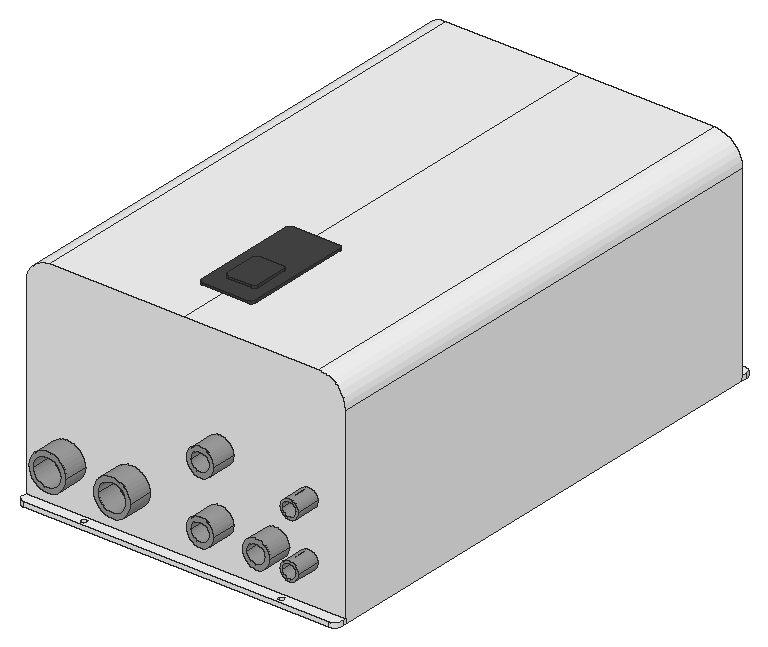
Revit family "Water_Heater-Navien-NCB_Series", category Mechanical Equipment, host Face, Revit 2013
Parameters (values of type "NCB 210")
  Width = 1' - 5"  # constant formula
  Water Pressure = "12-30 PSI / 15-150 PSI"  # constant formula
  Voltage = 120 V
  URL = "http://us.navien.com/"
  Propane Gas Supply Pressure = "8.0 inches - 13.5 inches WC"  # constant formula
  Product Page URL = "http://us.navien.com/Product/Page1/Details/NCB-210?Category=NCB%20series"
  Product Name = "NCB"
  Product Documentation Link = "http://us.navien.com/__DATA/Product/2014/12/2/Navien%20NCB%20Spec%20Sheet.pdf"
  Power Factor = 1
  Phase = 1
  Operating Weight = 84.00 lbf
  Number of Poles = 1
  Natural Gas Supply Pressure = "3.5 inches - 10.5 inches WC"  # constant formula
  Model = "NCB - 210"
  Material = ""
  Manufacturer = "Navien"  # constant formula
  Length = 1' - 0"  # constant formula
  Intake = 0' 3"  # 3"
  Hot Water Outlet = 0' 0 3/4"  # 3/4"
  Height = 2' - 4"  # constant formula
  Heating Capacity = 100000.0 Btu/h
  Gas Inlet = 0' 0 3/4"  # 3/4"
  Frequency = 60 Hz
  Flow Rate = 4.0 GPM
  Exhaust = 0' 3"  # 3"
  Enclosure = Metal - Navien - White
  Description = "Condensing Gas Combination Boiler (NCB)"  # constant formula
  Default Elevation = 4' - 0"
  Cold Water Inlet = 0' 0 3/4"  # 3/4"
  Auto Feeder = 0' 0 1/2"  # 1/2"
  Apparent Load = 0 VA
Types (3): name | Product Page URL | Operating Weight | Model | Heating Capacity | Flow Rate
  NCB 180 | "http://us.navien.com/Product/Page1/Details/NCB-180?Category=NCB%20series" | 74.00 lbf | "NCB - 180" | 80000.0 Btu/h | 3.4 GPM
  NCB 210 | "http://us.navien.com/Product/Page1/Details/NCB-210?Category=NCB%20series" | 84.00 lbf | "NCB - 210" | 100000.0 Btu/h | 4.0 GPM
  NCB 240 | "http://us.navien.com/Product/Page1/Details/NCB-240?Category=NCB%20series" | 84.00 lbf | "NCB - 240" | 120000.0 Btu/h | 4.5 GPM
Reference planes (in)
  plane 1 "Center (Front/Back)": y = 0
  plane 2: z = 0
  plane 3 "Center (Left/Right)": x = 0
  plane 4: z = 12.4
  plane 5: x = 8.65
  plane 6: x = -8.65
  plane 7: z = 0.4
  plane 8: y = 13.34278
  plane 9: y = -13.49271
Lines and regions (in)
  Masking region 1
    outline origin (0, 0, 0) x (1, 0, 0) y (0, 0, 1)
      loop
        line (-6.15442, 0) -> (-6.15442, 0.4) -> (-8.15442, 0.4) -> (-8.15442, 0) -> (-6.15442, 0)
      loop
        line (6.15383, 0) -> (8.15383, 0) -> (8.15383, 0.4) -> (6.15383, 0.4) -> (6.15383, 0)
  Masking region 2
    outline origin (0, 0, 0) x (1, 0, 0) y (0, 0, 1)
      loop
        line (8.65, 0.4) -> (8.65, 11.16256)
        arc (8.65, 11.16256) -> (8.28756, 12.03756) -> (7.41256, 12.4) r 1.23744
        line (7.41256, 12.4) -> (-7.41256, 12.4)
        arc (-7.41256, 12.4) -> (-8.28756, 12.03756) -> (-8.65, 11.16256) r 1.23744
        line (-8.65, 11.16256) -> (-8.65, 0.4) -> (8.65, 0.4)
  Masking region 3
    outline origin (0, 0, 0) x (1, 0, 0) y (0, 0, 1)
      loop
        line (8.65, 0.4) -> (8.65, 0.63569) -> (-8.65, 0.63569) -> (-8.65, 0.4) -> (8.65, 0.4)
  Masking region 4, detail levels coarse
    outline origin (0, 0, 0) x (1, 0, 0) y (0, 0, 1)
      loop
        line (4.0892, 4.60215) -> (0.7108, 4.60215) -> (0.7108, 1.19785) -> (4.0892, 1.19785) -> (4.0892, 4.60215)
      loop
        line (-2.4608, 4.70215) -> (-5.8392, 4.70215) -> (-5.8392, 1.29785) -> (-2.4608, 1.29785) -> (-2.4608, 4.70215)
  Masking region 5
    outline origin (0, 0, 0) x (1, 0, 0) y (0, 0, 1)
      loop
        circle (-4.15, 3) r 1.34645
      loop
        circle (2.4, 2.9) r 1.33901
  Masking region 6, detail levels medium+fine
    outline origin (0, 0, 0) x (1, 0, 0) y (0, 0, 1)
      loop
        line (4.0892, 3.9183) -> (4.0892, 4.60215) -> (3.3965, 4.60215)
        arc (3.3965, 4.60215) -> (2.4, 4.87239) -> (1.4035, 4.60215) r 1.97239
        line (1.4035, 4.60215) -> (0.7108, 4.60215) -> (0.7108, 3.9183)
        arc (0.7108, 3.9183) -> (0.42761, 2.9) -> (0.7108, 1.8817) r 1.97239
        line (0.7108, 1.8817) -> (0.7108, 1.19785) -> (1.4035, 1.19785)
        arc (1.4035, 1.19785) -> (2.4, 0.92761) -> (3.3965, 1.19785) r 1.97239
        line (3.3965, 1.19785) -> (4.0892, 1.19785) -> (4.0892, 1.8817)
        arc (4.0892, 1.8817) -> (4.37239, 2.9) -> (4.0892, 3.9183) r 1.97239
      loop
        line (-2.4608, 4.70215) -> (-3.1535, 4.70215)
        arc (-3.1535, 4.70215) -> (-4.15, 4.97239) -> (-5.1465, 4.70215) r 1.97239
        line (-5.1465, 4.70215) -> (-5.8392, 4.70215) -> (-5.8392, 4.0183)
        arc (-5.8392, 4.0183) -> (-6.12239, 3) -> (-5.8392, 1.9817) r 1.97239
        line (-5.8392, 1.9817) -> (-5.8392, 1.29785) -> (-5.1465, 1.29785)
        arc (-5.1465, 1.29785) -> (-4.15, 1.02761) -> (-3.1535, 1.29785) r 1.97239
        line (-3.1535, 1.29785) -> (-2.4608, 1.29785) -> (-2.4608, 1.9817)
        arc (-2.4608, 1.9817) -> (-2.17761, 3) -> (-2.4608, 4.0183) r 1.97239
        line (-2.4608, 4.0183) -> (-2.4608, 4.70215)
  Masking region 7
    outline origin (0, 0, 0) x (1, 0, 0) y (0, 0, 1)
      loop
        circle (-4.15, 3) r 1.34645
      loop
        circle (2.4, 2.9) r 1.33901
  model lines
    curve 1: line (8.65, 13.34278, 8.13098) -> (8.65, -13.49271, 8.13098)
    curve 2: line (-8.65, 13.34278, 8.13098) -> (-8.65, -13.49271, 8.13098)
    curve 3: line (-8.65, -13.49271, 8.13098) -> (8.65, -13.49271, 8.13098)
    curve 4: line (-8.65, 13.34278, 8.13098) -> (8.65, 13.34278, 8.13098)
Dimensions and locks (in)
  aligned and locked: plane 2 to host face
  aligned and locked: level to host face
  aligned and locked: plane 3 "Center (Left/Right)" to nested 1
  aligned and locked: Masking region 1 sketch curve to nested 1  (x2)
  aligned and locked: nested 1 to Masking region 1 sketch curve  (x2)
  aligned and locked: nested 1 to Masking region 2
  aligned and locked: Masking region 2 to plane 7
  aligned and locked: Masking region 2 to plane 5
  aligned and locked: plane 6 to Masking region 2
  aligned and locked: plane 7 to Masking region 3 sketch curve
  aligned and locked: Masking region 4 sketch curve to nested 1  (x8)
  aligned and locked: plane 8 to nested 1
  aligned and locked: plane 9 to nested 1
  aligned and locked: Masking region 3 to plane 5
  aligned and locked: plane 6 to Masking region 3
Nested families (in)
  nested 1: "Navien_NCB_Series_01" at (0, -14.79802, 6.4) x (1, 0, 0) z (0, 1, 0), type "Navien_NCB_Series_01"
Connectors (in)
  hvac at (-4.15, 15.45722, 3)
    settings: on nested 1, index 1, duct flow 0 CFM, flow factor 0, pres drop 0.00 in-wg, loss coef 0, conn angle 0.00°, conn width 12", conn height 12", conn radius 1", duct sys type 4, conn prof type 0, flow config 0, flow direction 1, loss method 0, conn ref index -1, conn util no, is conn primary yes, conn desc "Air Intake"
  hvac at (2.4, 15.45722, 2.9)
    settings: on nested 1, index 2, duct flow 0 CFM, flow factor 0, pres drop 0.00 in-wg, loss coef 0, conn angle 0.00°, conn width 12", conn height 12", conn radius 1", duct sys type 3, conn prof type 0, flow config 0, flow direction 0, loss method 0, conn ref index -1, conn util no, is conn primary no, conn desc "Exhaust Gas Vent"
  piping at (6.64048, -14.79802, 2.8)
    settings: on nested 1, index 3, connector radius 1/4", flow factor 0, pipe flow 0.0 GPM, pressure drop 0.00 psi, fitting loss kfactor 0, connector angle 0.00°, fixture units 0, engagement length 0' - 0", flow configuration 0, flow direction 1, fitting loss method 0, system type 19, joint type 0, gender type 0, connector reference index -1, connector utility 0, adjustable connector no, is connector primary yes, fitting loss table "", connector description "Auto Feeder Inlet"
  piping at (4.84048, -14.79802, 3)
    settings: on nested 1, index 4, connector radius 3/8", flow factor 0, pipe flow 0.0 GPM, pressure drop 0.00 psi, fitting loss kfactor 0, connector angle 0.00°, fixture units 0, engagement length 0' - 0", flow configuration 0, flow direction 1, fitting loss method 0, system type 20, joint type 0, gender type 0, connector reference index -1, connector utility 0, adjustable connector no, is connector primary no, fitting loss table "", connector description "DHW Cold Water Inlet"
  piping at (1.8186, -14.79802, 3)
    settings: on nested 1, index 5, connector radius 3/8", flow factor 0, pipe flow 0.0 GPM, pressure drop 0.00 psi, fitting loss kfactor 0, connector angle 0.00°, fixture units 0, engagement length 0' - 0", flow configuration 0, flow direction 2, fitting loss method 0, system type 19, joint type 0, gender type 0, connector reference index -1, connector utility 0, adjustable connector no, is connector primary no, fitting loss table "", connector description "DHW Hot Water Outlet"
  piping at (-2.95952, -14.79802, 3)
    settings: on nested 1, index 6, connector radius 1/2", flow factor 0, pipe flow 0.0 GPM, pressure drop 0.00 psi, fitting loss kfactor 0, connector angle 0.00°, fixture units 0, engagement length 0' - 0", flow configuration 0, flow direction 1, fitting loss method 0, system type 19, joint type 0, gender type 0, connector reference index -1, connector utility 0, adjustable connector no, is connector primary no, fitting loss table "", connector description "Heating Return Inlet"
  piping at (-6.45952, -14.79802, 3)
    settings: on nested 1, index 7, connector radius 1/2", flow factor 0, pipe flow 0.0 GPM, pressure drop 0.00 psi, fitting loss kfactor 0, connector angle 0.00°, fixture units 0, engagement length 0' - 0", flow configuration 0, flow direction 2, fitting loss method 0, system type 19, joint type 0, gender type 0, connector reference index -1, connector utility 0, adjustable connector no, is connector primary no, fitting loss table "", connector description "Heating Supply Outlet"
  piping at (1.8186, -14.79802, 6.4)
    settings: on nested 1, index 8, connector radius 3/8", flow factor 0, pipe flow 0.0 GPM, pressure drop 0.00 psi, fitting loss kfactor 0, connector angle 0.00°, fixture units 0, engagement length 0' - 0", flow configuration 0, flow direction 1, fitting loss method 0, system type 22, joint type 0, gender type 0, connector reference index -1, connector utility 0, adjustable connector no, is connector primary no, fitting loss table "", connector description "Gas Supply Inlet"
  piping at (6.64048, -14.79802, 5.8)
    settings: on nested 1, index 9, connector radius 1/4", flow factor 0, pipe flow 0.0 GPM, pressure drop 0.00 psi, fitting loss kfactor 0, connector angle 0.00°, fixture units 0, engagement length 0' - 0", flow configuration 0, flow direction 2, fitting loss method 0, system type 16, joint type 0, gender type 0, connector reference index -1, connector utility 0, adjustable connector no, is connector primary no, fitting loss table "", connector description "Condensate Outlet"
  electrical at (4.25, -0.07496, 0.4), driven by "Number of Poles", driven by "Voltage", driven by "Apparent Load", driven by "Power Factor"
    settings: on nested 1, index 10, voltage 120 V, apparent load 0 VA, apparent load phase1 0 VA, apparent load phase2 0 VA, apparent load phase3 0 VA, power factor 1, load classification "Other", number of poles 1, system type 31, power factor state 1, is connector primary yes, connector utility no, sub classification motor no, connector description "Power Connector"
Definition of nested family "Navien_NCB_Series_01"
  Parameters (values of type "Navien_NCB_Series_01")
    Width [instance] = 1' - 5.3"
    URL = "http://us.navien.com/"
    Product Page URL = "http://us.navien.com/Product/Page1/Details/NCB-180?Category=NCB%20series"
    Product Name = "NCB-180"  # constant formula
    Product Documentation Link = "http://us.navien.com/__DATA/Product/2014/12/2/Navien%20NCB%20Spec%20Sheet.pdf"
    Model = "NCB - 180"
    Manufacturer = "Navien"  # constant formula
    Height = 2' - 4.1408"
    Enclosure = Metal - Navien - White
    Description = "Condensing Gas Combination Boiler (NCB)"  # constant formula
    Depth = 1' - 0"
    Default Elevation = 4' - 0"
  Reference planes (in)
    plane 1 "Center (Front/Back)": y = 0
    plane 2: z = 0
    plane 3 "Center (Left/Right)": x = 0
    plane 4: y = 6
    plane 5: y = -6
    plane 6: x = -8.65
    plane 7: x = 8.65
    plane 8: z = 28.8
    plane 9: z = 28.1408
    plane 10: z = 0.72574
    plane 11: z = 1.30531
    plane 12: y = -2.52472
    plane 13: y = -2.25284
    plane 14: x = -7.85512
    plane 15: x = 7.93329
    plane 16: y = -4.76256
    plane 17: y = 6.4
    plane 18: x = -7.15
    plane 19: x = 7.15
    plane 20: x = -6.64048
    plane 21: x = 7.15
    plane 22: y = 3.4
    plane 23: x = 6.45952
    plane 24: x = 2.95952
    plane 25: x = -1.84048
    plane 26: x = -4.84048
    plane 27: x = -4.15
    plane 28: y = 3.4
    plane 29: y = 3.6
    plane 30: x = -6.45952
    plane 31: x = -2.95952
    plane 32: x = 1.8186
    plane 33: x = 4.84048
    plane 34: x = 6.64048
  Forms (in)
    Extrusion 1, solid, material "Metal - Navien - White" <- "Enclosure"
      sketch origin (-20.40779, -14.76545, 0) x (1, 0, 0) y (0, 1, 0)
        loop
          line (11.75779, 20.76545) -> (11.75779, 10.20911)
          arc (11.75779, 10.20911) -> (12.12023, 9.33411) -> (12.99523, 8.97167) r 1.23744
          line (12.99523, 8.97167) -> (20.25779, 8.97167) -> (27.57035, 8.97167)
          arc (27.57035, 8.97167) -> (28.62213, 9.40733) -> (29.05779, 10.45911) r 1.48744
          line (29.05779, 10.45911) -> (29.05779, 20.76545) -> (20.25779, 20.76545) -> (11.75779, 20.76545)
      from 1.30531 to 28.1408
    Extrusion 2, solid, material "Metal - Navien - White" <- "Enclosure", detail levels medium+fine
      sketch origin (18.924, 0, -0.04782) x (1, 0, 0) y (0, 0, 1)
        loop
          line (-10.274, 28.18862) -> (-10.274, 28.40737)
          arc (-10.274, 28.40737) -> (-10.35977, 28.71421) -> (-10.649, 28.84782) r 0.37986
          line (-10.649, 28.84782) -> (-27.199, 28.84782)
          arc (-27.199, 28.84782) -> (-27.48823, 28.71421) -> (-27.574, 28.40737) r 0.37986
          line (-27.574, 28.40737) -> (-27.574, 28.18862) -> (-10.274, 28.18862)
        loop
          circle (-24.15673, 28.56794) r 0.15061
        loop
          circle (-13.44497, 28.56794) r 0.15119
      from -6 to -5.76431
    Extrusion 3, solid, material "Metal - Navien - White" <- "Enclosure", detail levels coarse
      sketch origin (0, 0, 0) x (1, 0, 0) y (0, 0, 1)
        loop
          line (-8.65, 28.1408) -> (8.65, 28.1408) -> (8.65, 28.8) -> (-8.65, 28.8) -> (-8.65, 28.1408)
      from -6 to -5.76431
    Extrusion 4, solid, material "Metal - Navien - Aluminum"
      sketch origin (0, 0, 0) x (-1, 0, 0) y (0, -1, 0)
        loop
          circle (6.45952, -3.4) r 1
      from 0 to 1.30531
    Extrusion 5, solid, material "Metal - Navien - Aluminum"
      sketch origin (0, 0, 0) x (-1, 0, 0) y (0, -1, 0)
        loop
          circle (2.95952, -3.4) r 1
      from 0 to 1.30531
    Extrusion 6, solid, material "Metal - Navien - Aluminum"
      sketch origin (0, 0, 0) x (-1, 0, 0) y (0, -1, 0)
        loop
          circle (-1.8186, -3.4) r 0.75
      from 0 to 1.30531
    Extrusion 7, solid, material "Metal - Navien - Aluminum"
      sketch origin (0, 0, 0) x (-1, 0, 0) y (0, -1, 0)
        loop
          circle (-4.84048, -3.4) r 0.75
      from 0 to 1.30531
    Extrusion 8, solid, material "Metal - Navien - Aluminum"
      sketch origin (0, 0, 0) x (-1, 0, 0) y (0, -1, 0)
        loop
          circle (-6.64048, -3.6) r 0.5
        loop
          circle (-6.64048, -0.6) r 0.5
      from 0 to 1.30531
    Extrusion 9, void, detail levels fine
      sketch origin (0, 0, 0) x (1, 0, 0) y (0, 1, 0)
        loop
          circle (-6.45952, 3.4) r 0.75
        loop
          circle (-2.95952, 3.4) r 0.75
        loop
          circle (1.8186, 3.4) r 0.5
        loop
          circle (4.84048, 3.4) r 0.5
        loop
          circle (6.64048, 3.6) r 0.37641
        loop
          circle (1.8186, 0) r 0.5
        loop
          circle (6.64048, 0.6) r 0.37641
      from 0 to 1.30531
    Extrusion 10, solid, material "Metal - Navien - Aluminum"
      sketch origin (0, -3.4, 0) x (-1, 0, 0) y (0, -1, 0)
        loop
          circle (-1.8186, -3.4) r 0.75
      from 0 to 1.30531
    Extrusion 11, solid, material "Metal - Navien - White" <- "Enclosure"
      sketch origin (0, 0, 0) x (1, 0, 0) y (0, 0, 1)
        loop
          line (-8.15442, 26.02747) -> (-8.15442, 3.41864) -> (-6.15442, 3.41864) -> (-6.15442, 26.02747) -> (-8.15442, 26.02747)
        loop
          line (6.15383, 3.41864) -> (8.15383, 3.41864) -> (8.15383, 26.02747) -> (6.15383, 26.02747) -> (6.15383, 3.41864)
      from -6.4 to -6
    Extrusion 12, solid, material "Metal - Navien - White" <- "Enclosure", detail levels medium+fine
      sketch origin (18.924, 0, 29.49393) x (1, 0, 0) y (0, 0, 1)
        loop
          line (-10.274, -28.18862) -> (-27.574, -28.18862) -> (-27.574, -28.40737)
          arc (-27.574, -28.40737) -> (-27.48823, -28.71421) -> (-27.199, -28.84782) r 0.37986
          line (-27.199, -28.84782) -> (-10.649, -28.84782)
          arc (-10.649, -28.84782) -> (-10.35977, -28.71421) -> (-10.274, -28.40737) r 0.37986
          line (-10.274, -28.40737) -> (-10.274, -28.18862)
        loop
          circle (-24.15673, -28.56794) r 0.15061
        loop
          circle (-13.44497, -28.56794) r 0.15119
      from -6 to -5.76431
    Extrusion 13, solid, material "Metal - Navien - White" <- "Enclosure", detail levels coarse
      sketch origin (0, 0, 29.44611) x (1, 0, 0) y (0, 0, 1)
        loop
          line (-8.65, -28.1408) -> (-8.65, -28.8) -> (8.65, -28.8) -> (8.65, -28.1408) -> (-8.65, -28.1408)
      from -6 to -5.76431
    Extrusion 14, solid, material "Plastic - Navien - Black", detail levels medium+fine
      sketch origin (0, 0, 0) x (1, 0, 0) y (0, 0, 1)
        loop
          line (-1.47681, 9.86461) -> (-1.47681, 4.20067)
          arc (-1.47681, 4.20067) -> (-1.40234, 4.02089) -> (-1.22256, 3.94642) r 0.25425
          line (-1.22256, 3.94642) -> (1.22256, 3.94642)
          arc (1.22256, 3.94642) -> (1.40234, 4.02089) -> (1.47681, 4.20067) r 0.25425
          line (1.47681, 4.20067) -> (1.47681, 9.86461)
          arc (1.47681, 9.86461) -> (1.40234, 10.04439) -> (1.22256, 10.11886) r 0.25425
          line (1.22256, 10.11886) -> (-1.22256, 10.11886)
          arc (-1.22256, 10.11886) -> (-1.40234, 10.04439) -> (-1.47681, 9.86461) r 0.25425
      from 5.89288 to 5.79377
    Extrusion 15, solid, material "Plastic - Navien - Black", detail levels medium+fine
      sketch origin (0, 0, 0) x (1, 0, 0) y (0, 0, 1)
        loop
          line (-0.83766, 6.89626) -> (-0.83766, 5.11888)
          arc (-0.83766, 5.11888) -> (-0.74822, 4.98599) -> (-0.59648, 4.93467) r 0.25
          line (-0.59648, 4.93467) -> (0.59648, 4.93467)
          arc (0.59648, 4.93467) -> (0.74822, 4.98599) -> (0.83766, 5.11888) r 0.25
          line (0.83766, 5.11888) -> (0.83766, 6.89626)
          arc (0.83766, 6.89626) -> (0.74822, 7.02915) -> (0.59648, 7.08046) r 0.25
          line (0.59648, 7.08046) -> (-0.59648, 7.08046)
          arc (-0.59648, 7.08046) -> (-0.74822, 7.02915) -> (-0.83766, 6.89626) r 0.25
      from 5.89288 to 6
  Cuts and joins
    Extrusion 9 cuts Extrusion 1
    Extrusion 9 cuts Extrusion 4
    Extrusion 9 cuts Extrusion 5
    Extrusion 9 cuts Extrusion 6
    Extrusion 9 cuts Extrusion 7
    Extrusion 9 cuts Extrusion 8
    Extrusion 9 cuts Extrusion 10
  Dimensions and locks (in)
    equal spacing: plane 6, plane 3 "Center (Left/Right)", plane 7, locked at 8.65 each
    locked: plane 6 to plane 3 "Center (Left/Right)" at 8.65
    plane 7 to Extrusion 2 = 0' - 0"  (x2)
    Extrusion 2 to Extrusion 2 = 0' - 0.23569"
    "Height": plane 9 to level
    plane 7 to plane 3 "Center (Left/Right)" to plane 6 = 0' - 8.65" locked, 0' - 8.65" locked
    locked: plane 17 to plane 4 at 0.4
    locked: plane 6 to plane 18 at 1.5
    locked: plane 19 to plane 7 at 1.5
    plane 20 to plane 3 "Center (Left/Right)" to plane 21 = 0' - 6.64048" locked, 0' - 7.15" locked
    locked: plane 17 to plane 22 at 3
    plane 23 to plane 7 = 0' - 2.19048"
    locked: plane 24 to plane 23 at 3.5
    locked: plane 25 to plane 24 at 4.8
    locked: plane 26 to plane 25 at 3
    locked: plane 6 to plane 27 at 4.5
    plane 4 to plane 29 = 0' - 2.4"
    plane 20 to plane 26 = 0' - 1.8"
    locked: Extrusion 1 sketch curve to Extrusion 1 sketch curve at 1.23744  (x2)
    "Depth": plane 4 to plane 5
    equal spacing: plane 4, plane 1 "Center (Front/Back)", plane 5, locked at 6 each
    plane 6 to plane 7 = 1' - 5.3"
    locked: plane 4 to Extrusion 3 at 0.23569
    aligned and locked: plane 2 to level
    aligned and locked: Extrusion 1 to plane 6
    aligned and locked: plane 4 to Extrusion 1
    aligned and locked: plane 9 to Extrusion 1
    aligned and locked: Extrusion 1 to plane 11
    aligned and locked: plane 4 to Extrusion 2
    aligned and locked: nested 2 to plane 9
    aligned and locked: nested 1 to plane 9
    aligned and locked: plane 8 to Extrusion 3 sketch curve
    aligned and locked: Extrusion 3 sketch curve to plane 9
    aligned and locked: plane 4 to Extrusion 3
    aligned and locked: cut or joined group of Extrusion 1, Extrusion 9 to plane 11
    aligned and locked: cut or joined group of Extrusion 1, Extrusion 9 to level
    aligned and locked: plane 17 to Extrusion 11
    aligned and locked: Extrusion 11 to plane 4
    aligned and locked: plane 7 to Extrusion 3
    aligned and locked: plane 7 to Extrusion 2
    aligned and locked: Extrusion 15 to plane 5
  Automatic sketch dimensions
    Extrusion 1 sketch curve to plane 6 = 0' - 0"
    Extrusion 1 sketch curve to plane 4 = 0' - 0"
    plane 5 to Extrusion 1 sketch curve = 0' - 0.20623"
    Extrusion 1 sketch curve to plane 7 = 0' - 0"
    plane 16 to Extrusion 1 sketch curve = 0' - 0.45623"
    Extrusion 1 sketch curve to plane 3 "Center (Left/Right)" = 0' - 0.15"  (x2)
    Extrusion 2 sketch curve to plane 6 = 0' - 0"
    Extrusion 2 sketch curve to plane 8 = 0' - 0"
    Extrusion 2 sketch curve to plane 7 = 0' - 0"
    Extrusion 2 sketch curve to plane 9 = 0' - 0"
    plane 6 to Extrusion 2 sketch curve = 0' - 0 3/8"
    Extrusion 2 sketch curve to plane 15 = 0' - 0.34171"
    Extrusion 2 sketch curve to plane 26 = 0' - 0.39225"
    Extrusion 2 sketch curve to plane 8 = 0' - 0.27989"  (x2)
    Extrusion 2 sketch curve to plane 23 = 0' - 0.98049"
    Extrusion 2 sketch curve to Extrusion 2 sketch curve = 0' - 0 7/32"  (x2)
    Extrusion 3 sketch curve to plane 6 = 0' - 0"
    Extrusion 3 sketch curve to plane 7 = 0' - 0"
    Extrusion 4 sketch curve to plane 22 = 0' - 0"
    Extrusion 4 sketch curve to plane 20 = 0' - 0.18096"
    Extrusion 5 sketch curve to plane 22 = 0' - 0"
    Extrusion 5 sketch curve to plane 25 = 0' - 1.11904"
    Extrusion 6 sketch curve to plane 22 = 0' - 0"
    Extrusion 6 sketch curve to plane 24 = 0' - 1.14092"
    Extrusion 7 sketch curve to plane 22 = 0' - 0"
    Extrusion 7 sketch curve to plane 23 = 0' - 1.61904"
    plane 29 to Extrusion 8 sketch curve = 0' - 0"
    plane 23 to Extrusion 8 sketch curve = 0' - 0.18096"  (x2)
    Extrusion 8 sketch curve to plane 1 "Center (Front/Back)" = 0' - 0.6"
    Extrusion 9 sketch curve to plane 22 = 0' - 0"  (x4)
    Extrusion 9 sketch curve to plane 30 = 0' - 0"
    Extrusion 9 sketch curve to plane 31 = 0' - 0"
    plane 1 "Center (Front/Back)" to Extrusion 9 sketch curve = 0' - 0"
    Extrusion 9 sketch curve to plane 32 = 0' - 0"  (x2)
    Extrusion 9 sketch curve to plane 33 = 0' - 0"
    Extrusion 9 sketch curve to plane 34 = 0' - 0"  (x2)
    plane 29 to Extrusion 9 sketch curve = 0' - 0"
    Extrusion 9 sketch curve to plane 1 "Center (Front/Back)" = 0' - 0.6"
    plane 1 "Center (Front/Back)" to Extrusion 10 sketch curve = 0' - 0"
    Extrusion 10 sketch curve to plane 24 = 0' - 1.14092"
    plane 14 to Extrusion 11 sketch curve = 0' - 0.2993"
    Extrusion 11 sketch curve to plane 23 = 0' - 0.30569"
    plane 11 to Extrusion 11 sketch curve = 0' - 2.11333"  (x2)
    Extrusion 11 sketch curve to plane 20 = 0' - 0.48606"
    Extrusion 11 sketch curve to plane 15 = 0' - 0.22054"
    Extrusion 11 sketch curve to plane 9 = 0' - 2.11333"  (x2)
    Extrusion 12 sketch curve to plane 6 = 0' - 0"
    Extrusion 12 sketch curve to plane 7 = 0' - 0"
    Extrusion 12 sketch curve to plane 11 = 0' - 0"
    Extrusion 12 sketch curve to plane 10 = 0' - 0.07962"
    plane 6 to Extrusion 12 sketch curve = 0' - 0 3/8"
    Extrusion 12 sketch curve to plane 15 = 0' - 0.34171"
    Extrusion 12 sketch curve to plane 26 = 0' - 0.39225"
    plane 10 to Extrusion 12 sketch curve = 0' - 0.20026"  (x2)
    Extrusion 12 sketch curve to plane 23 = 0' - 0.98049"
    Extrusion 12 sketch curve to Extrusion 12 sketch curve = 0' - 0 7/32"  (x2)
    Extrusion 13 sketch curve to plane 6 = 0' - 0"
    Extrusion 13 sketch curve to plane 7 = 0' - 0"
    Extrusion 13 sketch curve to plane 11 = 0' - 0"
    plane 10 to Extrusion 13 sketch curve = 0' - 0.07962"
    plane 25 to Extrusion 14 sketch curve = 0' - 0.36367"
    plane 25 to Extrusion 14 sketch curve = 0' - 0.61792"
    plane 11 to Extrusion 14 sketch curve = 0' - 2.64111"
    plane 3 "Center (Left/Right)" to Extrusion 14 sketch curve = 0' - 1.22256"
    plane 3 "Center (Left/Right)" to Extrusion 14 sketch curve = 0' - 1.47681"
    Extrusion 14 sketch curve to Extrusion 14 sketch curve = 0' - 0.25425"
    Extrusion 14 sketch curve to Extrusion 14 sketch curve = 0' - 5.66394"
    Extrusion 14 sketch curve to Extrusion 14 sketch curve = 0' - 0"
    Extrusion 15 sketch curve to plane 3 "Center (Left/Right)" = 0' - 0.83766"
    Extrusion 15 sketch curve to plane 3 "Center (Left/Right)" = 0' - 0.59648"
    plane 11 to Extrusion 15 sketch curve = 0' - 3.62936"
    plane 3 "Center (Left/Right)" to Extrusion 15 sketch curve = 0' - 0.83766"
    Extrusion 15 sketch curve to Extrusion 15 sketch curve = 0' - 0.24119"  (x3)
    Extrusion 15 sketch curve to Extrusion 15 sketch curve = 0' - 0.1842"  (x2)
    Extrusion 15 sketch curve to Extrusion 15 sketch curve = 0' - 1.71159"
    Extrusion 15 sketch curve to Extrusion 15 sketch curve = 0' - 0.0658"  (x2)
    radius of Extrusion 2 sketch curve = 0' - 0.15061"
    radius of Extrusion 2 sketch curve = 0' - 0.15119"
    radius of Extrusion 4 sketch curve = 0' - 1"
    radius of Extrusion 5 sketch curve = 0' - 1"
    radius of Extrusion 6 sketch curve = 0' - 0 3/4"
    radius of Extrusion 7 sketch curve = 0' - 0 3/4"
    radius of Extrusion 8 sketch curve = 0' - 0 1/2"  (x2)
    radius of Extrusion 9 sketch curve = 0' - 0 3/4"  (x2)
    radius of Extrusion 9 sketch curve = 0' - 0 1/2"  (x3)
    radius of Extrusion 9 sketch curve = 0' - 0.37641"  (x2)
    radius of Extrusion 10 sketch curve = 0' - 0 3/4"
    radius of Extrusion 12 sketch curve = 0' - 0.15061"
    radius of Extrusion 12 sketch curve = 0' - 0.15119"
  Nested families (in)
    nested 1: "Intake_AIRExhaust_01" at (-4.15, 3.4, 28.1408), type "Intake_AIRExhaust_01"
    nested 2: "Intake_AIRExhaust_01" at (2.4, 3.5, 28.1408), type "Intake_AIRExhaust_01"
  Definition of nested family "Intake_AIRExhaust_01"
    Parameters (values of type "Intake_AIRExhaust_01")
      Material = Metal - Navien - Aluminum
    Reference planes (in)
      plane 1 "Center (Front/Back)": y = 0
      plane 2: z = 0
      plane 3 "Center (Left/Right)": x = 0
      plane 4: y = 3
      plane 5: z = -28.8
      plane 6: z = 1.43851
      plane 7: y = -1.70215
      plane 8: y = 1.70215
      plane 9: x = -1.6892
      plane 10: x = 1.6892
      plane 11: z = 0.34785
      plane 12: x = -1.46602
      plane 13: x = 1.46602
      plane 14: y = -1.45577
      plane 15: y = 1.45577
      plane 16: z = 2.11443
    Forms (in)
      Extrusion 1, solid, material "Metal - Navien - Aluminum" <- "Material", detail levels fine
        sketch origin (0, 0, 0) x (1, 0, 0) y (0, 1, 0)
          loop
            arc (0.9965, 1.70215) -> (0.51624, 1.90363) -> (0, 1.97239) r 1.97239
            arc (0, 1.97239) -> (-0.51624, 1.90363) -> (-0.9965, 1.70215) r 1.97239
            line (-0.9965, 1.70215) -> (-1.43788, 1.70215)
            arc (-1.43788, 1.70215) -> (-1.60414, 1.64015) -> (-1.6892, 1.48443) r 0.25391
            line (-1.6892, 1.48443) -> (-1.6892, 1.0183)
            arc (-1.6892, 1.0183) -> (-1.90027, 0.52847) -> (-1.97239, 0) r 1.97239
            arc (-1.97239, 0) -> (-1.90027, -0.52847) -> (-1.6892, -1.0183) r 1.97239
            line (-1.6892, -1.0183) -> (-1.6892, -1.48443)
            arc (-1.6892, -1.48443) -> (-1.60414, -1.64015) -> (-1.43788, -1.70215) r 0.25391
            line (-1.43788, -1.70215) -> (-0.9965, -1.70215)
            arc (-0.9965, -1.70215) -> (-0.51624, -1.90363) -> (0, -1.97239) r 1.97239
            arc (0, -1.97239) -> (0.51624, -1.90363) -> (0.9965, -1.70215) r 1.97239
            line (0.9965, -1.70215) -> (1.43788, -1.70215)
            arc (1.43788, -1.70215) -> (1.60414, -1.64015) -> (1.6892, -1.48443) r 0.25391
            line (1.6892, -1.48443) -> (1.6892, -1.0183)
            arc (1.6892, -1.0183) -> (1.90027, -0.52847) -> (1.97239, 0) r 1.97239
            arc (1.97239, 0) -> (1.90027, 0.52847) -> (1.6892, 1.0183) r 1.97239
            line (1.6892, 1.0183) -> (1.6892, 1.48443)
            arc (1.6892, 1.48443) -> (1.60414, 1.64015) -> (1.43788, 1.70215) r 0.25391
            line (1.43788, 1.70215) -> (0.9965, 1.70215)
        from 0 to 0.34785
      Extrusion 2, solid, material "Metal - Navien - Aluminum" <- "Material", detail levels medium+fine
        sketch origin (0, 0, 0) x (1, 0, 0) y (0, 0, 1)
          loop
            line (-1.25, 1.43851) -> (-1.57327, 1.43851) -> (-1.97024, 0.34785) -> (-1.25, 0.34785) -> (-1.25, 1.43851)
        from -0.0824 to 0.06448
      Extrusion 3, solid, material "Metal - Navien - Aluminum" <- "Material", detail levels medium+fine
        sketch origin (0, 0, 0) x (-1, 0, 0) y (0, 0, -1)
          loop
            line (-1.25, -1.43851) -> (-1.25, -0.34785) -> (-1.97024, -0.34785) -> (-1.57327, -1.43851) -> (-1.25, -1.43851)
        from -0.0824 to 0.06448
      Extrusion 4, solid, material "Metal - Navien - Aluminum" <- "Material", detail levels medium+fine
        sketch origin (-0.01835, 0.01025, 0) x (0, 1, 0) y (0, 0, 1)
          loop
            line (-1.21602, 1.43851) -> (-1.58098, 1.43851) -> (-1.97795, 0.34785) -> (-1.21602, 0.34785) -> (-1.21602, 1.43851)
        from -0.06791 to 0.09876
      Extrusion 5, solid, material "Metal - Navien - Aluminum" <- "Material", detail levels medium+fine
        sketch origin (-0.01835, -0.01025, 0) x (0, -1, 0) y (0, 0, -1)
          loop
            line (-1.30448, -1.43851) -> (-1.30448, -0.34785) -> (-1.97795, -0.34785) -> (-1.58098, -1.43851) -> (-1.30448, -1.43851)
        from -0.06791 to 0.09876
      Extrusion 6, solid, material "Metal - Navien - Aluminum" <- "Material", detail levels fine
        sketch origin (0, 0, 0) x (1, 0, 0) y (0, 1, 0)
          loop
            circle (0, 0) r 1.34645
          loop
            circle (0, 0) r 1.25
        from 0.17664 to 2.00363
      Extrusion 7, solid, material "Metal - Navien - Aluminum" <- "Material", detail levels fine
        sketch origin (0, 0, 0) x (1, 0, 0) y (0, 1, 0)
          loop
            circle (0, 0) r 1.5792
          loop
            circle (0, 0) r 1.34645
        from 1.32635 to 1.4562
      Extrusion 8, void, detail levels fine
        sketch origin (0, 0, 0) x (1, 0, 0) y (0, 1, 0)
          loop
            circle (0, 0) r 1.25
        from 0 to 1.32635
      Extrusion 9, solid, material "Metal - Navien - Aluminum" <- "Material", detail levels fine
        sketch origin (0, 0, 0) x (1, 0, 0) y (0, 1, 0)
          loop
            circle (0, 0) r 1.34645
          loop
            circle (0, 0) r 1.25
        from 2.00363 to 2.11443
      Extrusion 10, solid, material "Metal - Navien - Aluminum" <- "Material", detail levels coarse+medium
        sketch origin (0, 0, 0) x (1, 0, 0) y (0, 1, 0)
          loop
            line (-1.6892, 1.70215) -> (-1.6892, -1.70215) -> (1.6892, -1.70215) -> (1.6892, 1.70215) -> (-1.6892, 1.70215)
        from 0 to 0.34785
      Extrusion 11, solid, material "Metal - Navien - Aluminum" <- "Material", detail levels coarse+medium
        sketch origin (0, 0, 0) x (1, 0, 0) y (0, 1, 0)
          loop
            circle (0, 0) r 1.34645
        from 0.34785 to 2.11443
      Extrusion 12, solid, material "Metal - Navien - Aluminum" <- "Material", detail levels medium
        sketch origin (0, 0, 0) x (1, 0, 0) y (0, 1, 0)
          loop
            circle (0, 0) r 1.97239
        from 0 to 0.34785
    Cuts and joins
      Extrusion 8 cuts Extrusion 1
      Extrusion 8 cuts Extrusion 6
    Dimensions and locks (in)
      plane 4 to plane 1 "Center (Front/Back)" = 0' - 3"
      plane 5 to plane 2 = 2' - 4.8"
      aligned and locked: plane 2 to level
      aligned and locked: Extrusion 10 sketch curve to plane 8
      aligned and locked: Extrusion 10 sketch curve to plane 9
      aligned and locked: plane 10 to Extrusion 10 sketch curve
      aligned and locked: plane 7 to Extrusion 10 sketch curve
      aligned and locked: Extrusion 10 to plane 11
      aligned and locked: plane 11 to Extrusion 11
      aligned and locked: Extrusion 11 to plane 16
      aligned and locked: Extrusion 12 to plane 11
      aligned and locked: Extrusion 12 to level
